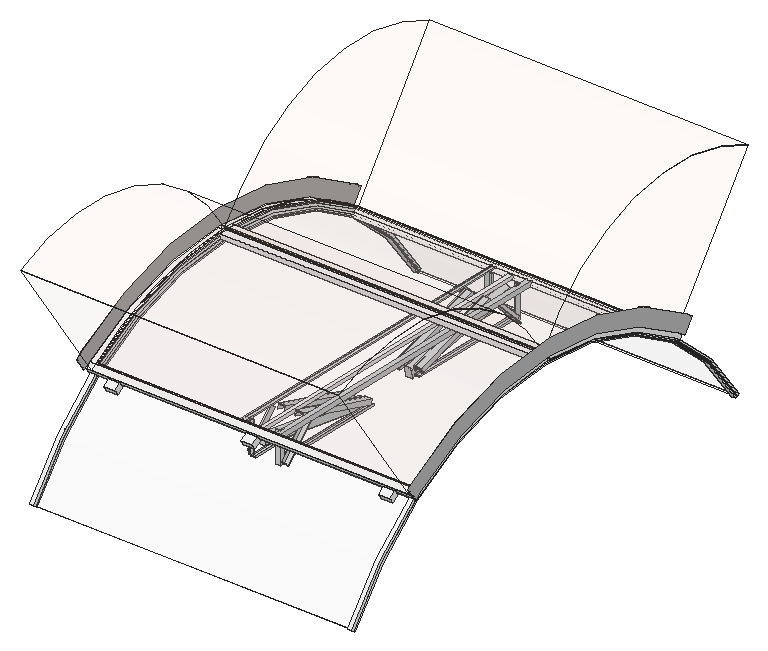
Revit family "Aluco Fire SL 2P (HI) (pl)", category Modele ogólne, Revit 2020
Family settings
  Może być obiektem nadrzędnym dla zbrojenia = Nie
  Wymiar okrągłego złącza = Użyj średnicy
  Typ części = Normalny
  Numer OmniClass = 23.60.70.14.11
  Tytuł OmniClass = Smoke Dampers
  Oparty na płaszczyźnie roboczej = Tak
  Zawsze pionowo = Nie
  Tnij formami wycięć po wczytaniu = Tak
  Współdzielony = Nie
  Punkt obliczania pomieszczeń = Nie
Parameters (values of type "system ekonomiczny z napędem elektrycznym")
  Zasilanie = 230 V
  Zakres ruchu [instance] = yes
  Wysuw siłownika (wariant) [instance] = 1
  Wysuw siłownika [instance] = if([Wysuw siłownika (wariant)] < 2, "300mm", if([Wysuw siłownika (wariant)] < 3, "500mm", "700mm"))  # "300mm"
  Wysokość podstawy [instance] = 300 mm
  Współczynnik przenikania ciepła [instance] = "Do weryfikacji po kontakcie z Producentem"  # constant formula
  Współczynnik powierzchni oddymiania [instance] = 1.00 m² * size_lookup("ALUCO FIRE SL 2P (HI)", "Współczynnik powierzchni oddymiania", 0 mm, round([Rozpiętość klapy (A)] / 100 mm) * 100 mm, round([Szerokość klapy (B)] / 100 mm) * 100 mm) / 1 mm  # 2.97 m²
  Uwaga [instance] = if(or([Rozpiętość klapy (A)] > 3000 mm, [Rozpiętość klapy (A)] < 1800 mm, [Szerokość klapy (B)] > 3500 mm, [Szerokość klapy (B)] < 1900 mm), "Przekroczono zalecane wymiary Producenta", "-")  # "-"
  URL produktu = "https://aluco.com.pl/oferta/oddymianie/klapy-w-pasmach/"
  URL = "https://aluco.com.pl/"
  Szerokość klapy (B) [instance] = 2000 mm
  System ekonomiczny = no
  System bezmostkowy = not(System ekonomiczny)  # yes
  Rozpiętość świetlika [instance] = 3000 mm
  Rozpiętość klapy (A) [instance] = 2000 mm
  Rozpiętość [instance] = "od 1800 mm x 1900 mm do 3000 mm x 3500 mm"  # constant formula
  Rodzaj napędu = "napęd elektryczny"
  Promień gięcia' [instance] = Promień gięcia - 5 mm  # 1745 mm
  Promień gięcia" [instance] = Promień gięcia + Grubość płyty + 13 mm  # 1773 mm
  Promień gięcia [instance] = 175 * Grubość płyty  # 1750 mm
  Profile montażowe [instance] = yes
  Producent = "ALUCO SYSTEM SP. Z O.O"  # constant formula
  Powierzchnia geometryczna [instance] = 1.00 m² * size_lookup("ALUCO FIRE SL 2P (HI)", "Powierzchnia geometryczna", 0 mm, round([Rozpiętość klapy (A)] / 100 mm) * 100 mm, round([Szerokość klapy (B)] / 100 mm) * 100 mm) / 1 mm  # 4.00 m²
  Potwierdzone działanie w skrajnie niskich temperaturach = "T -15"  # constant formula
  Pewność działania = "RE 10000"  # constant formula
  Owiewki [instance] = yes
  Opis = "Klapa oddymiająca dwuskrzydłowa w pasmach łukowych"  # constant formula
  Obraz typu = ALUCO FIRE SL 1P (HI).png
  Montaż [instance] = if(System ekonomiczny, "w pasmach świetlnych łukowych systemu ALUCO SKYLIGHT", "w pasmach świetlnych łukowych systemu ALUCO SKYLIGHT lub ALUCO SKYLIGHT THERM")  # "w pasmach świetlnych łukowych systemu ALUCO SKYLIGHT lub ALUCO SKYLIGHT THERM"
  Model = "FIRE SL 2P (HI)"
  Materiał płyt = Aluco - poliwęglan
  Materiał profili = Aluco - aluminium
  Materiał owiewki = Aluco - stal ocynkowana
  Maksymalne obciążenie śniegiem = "SL 1500"  # constant formula
  Kąt otwarcia = 90.00°  # constant formula
  Kraty antyupadkowe ALUCO SAFETY GRID [instance] = no
  Komentarze do typu = "Klapa oddymiająca w systemie ekonomicznym"
  Klasyfikacja na działanie wiatru = "WL 1500"  # constant formula
  Klasa odporności na działanie wysokiej temperatury = "B 300"  # constant formula
  Klasa bezpieczeństwa przed upadkiem z wysokości = "SB 1200"  # constant formula
  Klasa bezpieczeństwa pożarowego = "BRoof (t1)"  # constant formula
  Karta katalogowa [instance] = "https://aluco.com.pl/download/oddymianie/AlucoFireSL_KlapyDymowe.pdf"
  Ilość profili łukowych [instance] = 2  # constant formula
  IfcExportAs = "\"IfcWindowType\""
  Grubość wypełnienia (wariant) [instance] = 1
  Grubość płyty [instance] = if([Grubość wypełnienia (wariant)] < 3, 10 mm, if([Grubość wypełnienia (wariant)] < 5, 16 mm, if([Grubość wypełnienia (wariant)] < 7, 20 mm, if([Grubość wypełnienia (wariant)] < 9, 25 mm, if([Grubość wypełnienia (wariant)] < 11, 20 mm, if([Grubość wypełnienia (wariant)] < 13, 26 mm, 32 mm))))))  # 10 mm
  Wymiar profilu [instance] = Grubość płyty + 2 * 10 mm  # 30 mm
  Default Elevation = 0 mm  # constant formula
Reference planes
  plane 1 "Środek (Przód/Tył)": y = 0
  plane 2: z = 0
  plane 3 "Środek (Lewa/Prawa)": x = 0
  plane 4: y = -1500
  plane 5: y = 1500
  plane 6: x = -1000
  plane 7: y = -2000
  plane 8: y = 2000
  plane 9: x = 1000
  plane 10: z = 300
  plane 11: y = -1000
  plane 12: y = 1000
  plane 13: y = -939.1
Forms (mm)
  Extrusion 1, solid, material "Aluco - krata antyupadkowa", visible <- "Kraty antyupadkowe ALUCO SAFETY GRID", detail levels medium+fine
    sketch origin (3267.2, -1436.636, 300) x (0, -1, 0) y (1, 0, 0)
      loop
        line (-2936.636, -4267.2) -> (63.364, -4267.2) -> (63.364, -2267.2) -> (-2936.636, -2267.2) -> (-2936.636, -4267.2)
    from -5 to 0
  Extrusion 2, solid, detail levels coarse
    sketch origin (0, 0, 0) x (0, 1, 0) y (0, 0, 1)
      loop
        line (-1000, 895.113) -> (-1000, 300) -> (1000, 300) -> (1000, 895.113)
        arc (1000, 895.113) -> (0, 1203.612) -> (-1000, 895.113) r 1775
    from 1000 to -1000
  Extrusion 3, void
    sketch origin (0, 0, 0) x (0, 1, 0) y (0, 0, 1)
      loop
        line (-1506.686, 333.185) -> (-1482.684, 318.761)
        arc (-1482.684, 318.761) -> (0, 1143.612) -> (1482.684, 318.761) r 1745
        line (1482.684, 318.761) -> (1506.686, 333.185)
        arc (1506.686, 333.185) -> (0, 1171.612) -> (-1506.686, 333.185) r 1773
    from 1000 to -1000
  Extrusion 4, solid, material "Aluco - poliwęglan" <- "Materiał płyt", detail levels medium+fine
    sketch origin (0, 0, 0) x (0, 1, 0) y (0, 0, 1)
      loop
        line (-1508.571, 305.151) -> (-1500, 300)
        arc (-1500, 300) -> (0, 1148.612) -> (1500, 300) r 1750
        line (1500, 300) -> (1508.571, 305.151)
        arc (1508.571, 305.151) -> (0, 1158.612) -> (-1508.571, 305.151) r 1760
    from 1000 to -1000
Lines and regions (mm)
  reference lines
    curve 1: line (-1000, 1500, 0) -> (-1000, -1500, 0)
    curve 2: line (-1000, -1500, 0) -> (1900, -1500, 0)
    curve 3: line (997.5, 1500, 0) -> (-1000, 1500, 0)
    curve 4: line (0, 1500, 0) -> (10, 1500, 0)
    curve 5: line (10, -1500, 0) -> (0, -1500, 0)
    curve 6: line (0, -1500, 0) -> (0, 1500, 0)
    curve 7: line (995, 0, 298.5) -> (1005, 0, 298.5)
    curve 8: line (1002.5, 500, -601.388) -> (1002.5, -500, -601.388)
    curve 9: line (1002.5, 0, -601.388) -> (1002.5, -1000, 862.692)
    curve 10: line (1002.5, 0, -601.388) -> (1002.5, 1000, 862.692)
    curve 12: line (0, -1000, 862.692) -> (0, 1000, 862.692)
  symbolic lines, detail levels coarse
    curve 11: line (1000, 1500, 0) -> (1000, -1500, 0)
    curve 15: line (-1000, 1500, 0) -> (-1000, -1500, 0)
    curve 16: line (-1000, 1000, 0) -> (1000, 1000, 0)
    curve 17: line (-1000, -1000, 0) -> (1000, -1000, 0)
  model lines, not visible
    curve 13: line (-500, -1000, 862.692) -> (-500, 1000, 862.692)
    curve 14: line (500, 1000, 862.692) -> (500, -1000, 862.692)
Dimensions and locks
  equal spacing: plane 4, plane 1 "Środek (Przód/Tył)", plane 5
  equal spacing: plane 8, plane 1 "Środek (Przód/Tył)", plane 7
  "Rozpiętość świetlika": plane 4 to plane 5
  plane 5 to curve 3 = 0 mm
  "Wysokość podstawy": plane 10 to level
  plane 10 to curve 7 = 1.5 mm
  equal spacing: plane 11, plane 1 "Środek (Przód/Tył)", plane 12
  "Rozpiętość klapy (A)": plane 11 to plane 12
  equal spacing: plane 6, plane 3 "Środek (Lewa/Prawa)", plane 9
  "Promień gięcia"": curve 10 to curve 10
  "Promień gięcia"": curve 9 to curve 9
  "Szerokość klapy (B)": plane 6 to plane 9
  locked: plane 11 to plane 13 at 60.9
  locked: nested 2 to Extrusion 3 sketch curve at 25
  locked: Extrusion 3 sketch curve to nested 2 at 25
  locked: plane 1 "Środek (Przód/Tył)" to curve 8 (angle 90.00°)
  aligned and locked: level to plane 2
  aligned and locked: nested 1 to plane 10
  aligned and locked: nested 2 to plane 10
  aligned and locked: plane 6 to nested 2
  aligned and locked: plane 9 to nested 1
  aligned and locked: plane 11 to curve 9
  aligned and locked: plane 1 "Środek (Przód/Tył)" to curve 10
  aligned and locked: curve 8 to curve 10
  aligned and locked: plane 12 to curve 10
  aligned and locked: nested 3 to curve 9
  aligned and locked: curve 10 to nested 4
  aligned and locked: plane 3 "Środek (Lewa/Prawa)" to nested 4
  aligned and locked: plane 6 to nested 5
  aligned and locked: plane 11 to nested 5
  aligned and locked: nested 3 to plane 3 "Środek (Lewa/Prawa)"
  aligned and locked: plane 5 to curve 11
  aligned and locked: plane 4 to curve 11
  aligned and locked: curve 11 to plane 9
  aligned and locked: curve 12 to curve 9
  aligned and locked: nested 6 to plane 12
  aligned and locked: nested 7 to plane 13
  aligned and locked: plane 3 "Środek (Lewa/Prawa)" to nested 7
  aligned and locked: plane 12 to nested 4
  aligned and locked: curve 12 to curve 12
  aligned and locked: plane 11 to curve 12
  aligned and locked: plane 12 to curve 12
  aligned and locked: Extrusion 1 sketch curve to plane 5
  aligned and locked: Extrusion 1 sketch curve to plane 4
  aligned and locked: Extrusion 1 sketch curve to plane 6
  aligned and locked: Extrusion 1 sketch curve to plane 9
  aligned and locked: Extrusion 2 sketch curve to nested 5
  aligned and locked: Extrusion 2 sketch curve to plane 11
  aligned and locked: Extrusion 2 sketch curve to plane 12
  aligned and locked: Extrusion 2 sketch curve to plane 10
  aligned and locked: plane 9 to Extrusion 2
  aligned and locked: Extrusion 2 to plane 6
  aligned and locked: curve 15 to plane 6
  aligned and locked: curve 16 to plane 12
  aligned and locked: curve 17 to plane 11
  aligned and locked: Extrusion 3 sketch curve to nested 2  (x2)
  aligned and locked: Extrusion 3 to plane 6
  aligned and locked: plane 9 to Extrusion 3
  aligned and locked: Extrusion 4 sketch curve to nested 2  (x2)
  aligned and locked: nested 2 to Extrusion 4 sketch curve  (x2)
  aligned and locked: Extrusion 4 to plane 6
  aligned and locked: plane 9 to Extrusion 4
Automatic sketch dimensions
  curve 1 to plane 4 = 0 mm
  curve 1 to plane 6 = 0 mm
  curve 5 to plane 3 "Środek (Lewa/Prawa)" = 0 mm
  curve 5 to plane 4 = 0 mm
  plane 5 to curve 4 = 0 mm
  plane 3 "Środek (Lewa/Prawa)" to curve 5 = 10 mm
  plane 3 "Środek (Lewa/Prawa)" to curve 4 = 10 mm
  curve 3 to plane 9 = 2.5 mm
  plane 9 to curve 2 = 900 mm
  curve 7 to plane 9 = 5 mm
  plane 9 to curve 7 = 5 mm
  curve 12 to curve 14 = 500 mm
  curve 13 to curve 12 = 500 mm
  curve 12 to curve 14 = 0 mm  (x2)
  curve 13 to curve 12 = 0 mm  (x2)
  curve 15 to plane 4 = 0 mm
  curve 15 to plane 5 = 0 mm
Nested families
  nested 1: "Profil łukowy" at (1000, 0, 300), Rozpiętość otworu <- "Rozpiętość świetlika", Materiał <- "Materiał profili", visible <- "Profile montażowe", Grubość wypełnienia (wariant) <- "Grubość wypełnienia (wariant)", type "Profil łukowy", detail levels medium+fine
    with Zwężenie otworu (rozpiętość) 0 mm, Rozpiętość świetlika 3000 mm, Rozpiętość otworu 3000 mm, Przestrzeń na izolację termiczną 0 mm, Promień gięcia 1750 mm, Materiał Aluco - aluminium, Grubość wypełnienia (wariant) 1, Grubość płyty 10 mm, Grubość profilu 17 mm
  nested 2: "Profil łukowy" at (-1000, 0, 300), Rozpiętość otworu <- "Rozpiętość świetlika", Materiał <- "Materiał profili", visible <- "Profile montażowe", Grubość wypełnienia (wariant) <- "Grubość wypełnienia (wariant)", type "Profil łukowy", detail levels medium+fine
    with Zwężenie otworu (rozpiętość) 0 mm, Rozpiętość świetlika 3000 mm, Rozpiętość otworu 3000 mm, Przestrzeń na izolację termiczną 0 mm, Promień gięcia 1750 mm, Materiał Aluco - aluminium, Grubość wypełnienia (wariant) 1, Grubość płyty 10 mm, Grubość profilu 17 mm
  nested 3: "Profil prosty" at (0, -1000, 862.692) x (0, -0.8258, -0.564) z (0, -0.564, 0.8258), Materiał <- "Materiał profili", Szerokość profilu <- "Wymiar profilu", Wyskość profilu <- "Wymiar profilu", Długość profilu <- "Szerokość klapy (B)", type "Profil prosty", detail levels medium+fine
    with Wyskość profilu 30 mm, Szerokość profilu 30 mm, Materiał Aluco - aluminium, Długość profilu 2000 mm
  nested 4: "Profil prosty" at (0, 1000, 862.692) x (0, 0.8258, -0.564) z (0, 0.564, 0.8258), Materiał <- "Materiał profili", Szerokość profilu <- "Wymiar profilu", Wyskość profilu <- "Wymiar profilu", Długość profilu <- "Szerokość klapy (B)", type "Profil prosty", detail levels medium+fine
    with Wyskość profilu 30 mm, Szerokość profilu 30 mm, Materiał Aluco - aluminium, Długość profilu 2000 mm
  nested 5: "Klapa" at (-1000, 0, 330), Rozpiętość klapy <- "Rozpiętość klapy (A)", Szerokość klapy <- "Szerokość klapy (B)", built-in parameter 1001364 <- "Wymiar profilu", Grubość profilu <- "Wymiar profilu", Materiał profili <- "Materiał profili", Materiał płyty <- "Materiał płyt", Rozpiętość świetlika <- "Rozpiętość świetlika", Materiał owiewki <- "Materiał owiewki", Owiewki <- "Owiewki", Grubość wypełnienia (wariant) <- "Grubość wypełnienia (wariant)", Zakres ruchu <- "Zakres ruchu", type "Klapa", detail levels medium+fine
    with Zakres ruchu yes, Wysokość owiewki 100 mm, Szerokość klapy 2000 mm, Rozpiętość świetlika 3000 mm, Rozpiętość klapy 2000 mm, Promień gięcia 1750 mm, Owiewki yes, Materiał płyty Aluco - poliwęglan, Materiał profili Aluco - aluminium, Materiał owiewki Aluco - stal ocynkowana, Grubość wypełnienia (wariant) 1, Grubość płyty 10 mm, Grubość profilu' 41.5 mm, Grubość profilu 30 mm
  nested 6: "Siłownik klapy dwuskrzydłowej" at (0, 1000, 862.692) x (0, -1, 0) z (0, 0, 1), Długość prowadnic <- "Rozpiętość klapy (A)", type "Siłownik klapy dwuskrzydłowej", detail levels fine
    with Długość prowadnic 2000 mm
  nested 7: "Siłownik klapy dwuskrzydłowej 2" at (0, -1000.03, 862.692) x (0, 1, 0) z (0, 0, 1), type "Siłownik klapy dwuskrzydłowej 2", detail levels fine
    with Długość prowadnic 1500 mm
Connectors
  electrical at (0, 0, 300)
    settings: on plane 10, index 1, voltage 0 V, apparent load 0 VA, apparent load phase1 0 VA, apparent load phase2 0 VA, apparent load phase3 0 VA, power factor 1, load classification "Inne", number of poles 1, system type 31, power factor state 1, is connector primary yes, connector utility no, sub classification motor no, connector description ""
Definition of nested family "Profil łukowy"
  Parameters (values of type "Profil łukowy")
    Zwężenie otworu (rozpiętość) [instance] = 200 mm
    Define Thermal Properties by = 1
    Rozpiętość świetlika [instance] = if(Rozpiętość otworu - 2 * [Zwężenie otworu (rozpiętość)] + 2 * Przestrzeń na izolację termiczną < 1500 mm, 1500 mm, if(Rozpiętość otworu - 2 * [Zwężenie otworu (rozpiętość)] + 2 * Przestrzeń na izolację termiczną > 6200 mm, 6200 mm, Rozpiętość otworu - 2 * [Zwężenie otworu (rozpiętość)] + 2 * Przestrzeń na izolację termiczną))  # 1500 mm
    Rozpiętość otworu [instance] = 1000 mm
    Przestrzeń na izolację termiczną [instance] = 150 mm
    Promień gięcia [instance] = 175 * Grubość płyty  # 1750 mm
    Materiał [instance] = none
    Analytic Construction = "<Brak>"
    Grubość wypełnienia (wariant) [instance] = 1
    Grubość płyty [instance] = if([Grubość wypełnienia (wariant)] < 3, 10 mm, if([Grubość wypełnienia (wariant)] < 5, 16 mm, if([Grubość wypełnienia (wariant)] < 7, 20 mm, if([Grubość wypełnienia (wariant)] < 9, 25 mm, if([Grubość wypełnienia (wariant)] < 11, 20 mm, if([Grubość wypełnienia (wariant)] < 13, 26 mm, 32 mm))))))  # 10 mm
    Grubość profilu [instance] = Grubość płyty + 7 mm  # 17 mm
    Default Elevation = 0 mm
  Reference planes
    plane 1 "Środek (Przód/Tył)": y = 0
    plane 2: z = 0
    plane 3 "Środek (Lewa/Prawa)": x = 0
    plane 4: y = -500
    plane 5: y = 500
    plane 6: y = -750
    plane 7: y = 750
    plane 8: z = 0
  Forms (mm)
    Extrusion 1, solid, not visible
      sketch origin (0, 0, 0) x (0, 1, 0) y (0, 0, 1)
        loop
          line (-750, 0) -> (750, 0)
          arc (750, 0) -> (0, 168.861) -> (-750, 0) r 1750
      from 14 to -14
    Sweep 2, solid, material <- "Materiał"
      path in 3D
        loop
          arc (0, -750, 0) -> (0, 0, 168.861) -> (0, 750, 0) r 1750
      profile origin (0, 0, 168.861) x (0, 0, 1) y (1, 0, 0)
        loop
          line (0, -14) -> (0, -2.5) -> (10, -2.5) -> (10, -14) -> (23, -14) -> (23, 14) -> (10, 14) -> (10, 2.5) -> (0, 2.5) -> (0, 14) -> (-5, 14) -> (-5, -14) -> (0, -14)
  Lines and regions (mm)
    reference lines
      curve 1: line (-150, -650, 0) -> (6150, -650, 0)
      curve 2: line (6150, 650, 0) -> (-150, 650, 0)
      curve 3: line (500, 600, 0) -> (5500, 600, 0)
      curve 4: line (5500, -600, 0) -> (500, -600, 0)
      curve 5: arc (0, -750, 0) -> (0, 0, 168.861) -> (0, 750, 0) r 1750
    sketch lines
      curve 6: arc (0, -750, 0) -> (0, 0, 168.861) -> (0, 750, 0) r 1750
  Dimensions and locks
    equal spacing: plane 4, plane 1 "Środek (Przód/Tył)", plane 5
    equal spacing: plane 7, plane 1 "Środek (Przód/Tył)", plane 6
    "Rozpiętość otworu": plane 4 to plane 5
    "Rozpiętość świetlika": plane 7 to plane 6
    "Przestrzeń na izolację termiczną": plane 5 to curve 2
    "Przestrzeń na izolację termiczną": plane 4 to curve 1
    "Przestrzeń na izolację termiczną": curve 4 to plane 6
    "Przestrzeń na izolację termiczną": curve 3 to plane 7
    "Grubość płyty": Sweep 2 sketch curve to profile plane
    "Promień gięcia": radius of curve 5
    aligned and locked: level to plane 2
    aligned and locked: plane 6 to curve 5
    aligned and locked: plane 8 to curve 5  (x2)
    aligned and locked: plane 7 to curve 5
    aligned and locked: Extrusion 1 sketch curve to curve 5
    aligned and locked: Extrusion 1 sketch curve to plane 8
  Automatic sketch dimensions
    curve 2 to plane 3 "Środek (Lewa/Prawa)" = 150 mm
    curve 1 to plane 3 "Środek (Lewa/Prawa)" = 150 mm
    plane 3 "Środek (Lewa/Prawa)" to curve 3 = 500 mm
    plane 3 "Środek (Lewa/Prawa)" to curve 4 = 500 mm
    curve 3 to curve 3 = 5000 mm
    curve 4 to curve 3 = 0 mm
    curve 3 to curve 2 = 650 mm
    curve 4 to curve 1 = 650 mm
    Sweep 2 sketch curve to profile plane = 0 mm  (x2)
    profile plane to Sweep 2 sketch curve = 5 mm
    Sweep 2 sketch curve to Sweep 2 sketch curve = 0 mm  (x2)
    Sweep 2 sketch curve to Sweep 2 sketch curve = 13 mm
    Sweep 2 sketch curve to profile plane = 14 mm
    Sweep 2 sketch curve to profile plane = 2.5 mm
    profile plane to Sweep 2 sketch curve = 2.5 mm
    Sweep 2 sketch curve to Sweep 2 sketch curve = 11.5 mm  (x2)
Definition of nested family "Profil prosty"
  Parameters (values of type "Profil prosty")
    Define Thermal Properties by = 1
    Wyskość profilu [instance] = 40 mm
    Szerokość profilu [instance] = 40 mm
    Materiał [instance] = none
    Analytic Construction = "<Brak>"
    Długość profilu [instance] = 1000 mm
    Default Elevation = 1219.2 mm
  Reference planes
    plane 1 "Środek (Przód/Tył)": y = 0
    plane 2: z = 0
    plane 3 "Środek (Lewa/Prawa)": x = 0
    plane 4: y = 500
    plane 5: y = -500
    plane 6: x = 40
    plane 7: z = -40
  Forms (mm)
    Extrusion 1, solid
      sketch origin (0, 0, 0) x (1, 0, 0) y (0, 1, 0)
        loop
          line (-1219.2, 1219.2) -> (-1219.2, -1219.2) -> (1219.2, -1219.2) -> (1219.2, 1219.2) -> (-1219.2, 1219.2)
      from 0 to -304.8
    Extrusion 2, solid, material <- "Materiał"
      sketch origin (0, 0, 0) x (1, 0, 0) y (0, 0, 1)
        loop
          line (0, 0) -> (0, -40) -> (40, -40) -> (40, 0) -> (0, 0)
      from 500 to -500
  Dimensions and locks
    equal spacing: plane 4, plane 1 "Środek (Przód/Tył)", plane 5
    "Długość profilu": plane 4 to plane 5
    "Szerokość profilu": plane 6 to plane 3 "Środek (Lewa/Prawa)"
    "Wyskość profilu": level to plane 7
    aligned and locked: plane 2 to Extrusion 1
    aligned and locked: level to Extrusion 1
    aligned and locked: plane 4 to Extrusion 2
    aligned and locked: Extrusion 2 to plane 5
    aligned and locked: Extrusion 2 to plane 7
    aligned and locked: plane 6 to Extrusion 2
  Automatic sketch dimensions
    Extrusion 1 sketch curve to Extrusion 1 sketch curve = 2438.4 mm  (x2)
    Extrusion 2 sketch curve to level = 0 mm
    Extrusion 2 sketch curve to plane 3 "Środek (Lewa/Prawa)" = 0 mm
    plane 3 "Środek (Lewa/Prawa)" to Extrusion 2 sketch curve = 40 mm
    Extrusion 2 sketch curve to level = 40 mm
Definition of nested family "Klapa"
  Parameters (values of type "Klapa")
    Define Thermal Properties by = 1
    Zakres ruchu [instance] = yes
    Wysokość owiewki [instance] = 100 mm
    Szerokość klapy [instance] = 1000 mm
    Rozpiętość świetlika [instance] = 1500 mm
    Rozpiętość klapy [instance] = 1000 mm
    Promień gięcia [instance] = 175 * Grubość płyty  # 1750 mm
    Owiewki [instance] = yes
    Materiał płyty [instance] = none
    Materiał profili [instance] = none
    Materiał owiewki [instance] = none
    Analytic Construction = "<Brak>"
    Grubość wypełnienia (wariant) [instance] = 1
    Grubość płyty [instance] = if([Grubość wypełnienia (wariant)] < 3, 10 mm, if([Grubość wypełnienia (wariant)] < 5, 16 mm, if([Grubość wypełnienia (wariant)] < 7, 20 mm, if([Grubość wypełnienia (wariant)] < 9, 25 mm, if([Grubość wypełnienia (wariant)] < 11, 20 mm, if([Grubość wypełnienia (wariant)] < 13, 26 mm, 32 mm))))))  # 10 mm
    Grubość profilu' [instance] = Grubość profilu + 11.5 mm  # 41.5 mm
    Grubość profilu [instance] = 30 mm
    Default Elevation = 0 mm
  Reference planes
    plane 1 "Środek (Przód/Tył)": y = 0
    plane 2: z = 0
    plane 3 "Środek (Lewa/Prawa)": x = 0
    plane 4: y = -500
    plane 5: y = 500
    plane 6: y = -750
    plane 7: y = 750
    plane 8: z = 0
    plane 9: x = 1000
    plane 10: x = 500
    plane 11: y = 14
    plane 12: y = -14
    plane 13: z = 1559.263
    plane 14: x = 1102.632
    plane 15: x = -102.632
    plane 16: y = -56.002
    plane 17: y = 56.002
  Forms (mm)
    Extrusion 1, solid, not visible
      sketch origin (0, 0, 0) x (0, 1, 0) y (0, 0, 1)
        loop
          line (-500, 95.912) -> (-500, 0) -> (500, 0) -> (500, 95.912)
          arc (500, 95.912) -> (0, 168.861) -> (-500, 95.912) r 1750
      from 1000 to 0
    Sweep 2, solid, material <- "Materiał profili", detail levels medium+fine
      path in 3D
        loop
          arc (0, 500, 95.912) -> (0, 0, 168.861) -> (0, -500, 95.912) r 1750
      profile origin (0, 0, 168.861) x (0, 0, 1) y (-1, 0, 0)
        loop
          line (10, -11.5) -> (10, 0) -> (20, 0) -> (20, -11.5) -> (25, -11.5) -> (25, 30) -> (-5, 30) -> (-5, -11.5) -> (10, -11.5)
    Sweep 3, solid, material <- "Materiał profili", detail levels medium+fine
      path in 3D
        loop
          arc (1000, -500, 95.912) -> (1000, 0, 168.861) -> (1000, 500, 95.912) r 1750
      profile origin (1000, 0, 168.861) x (0, 0, 1) y (1, 0, 0)
        loop
          line (10, -11.5) -> (10, 0) -> (20, 0) -> (20, -11.5) -> (25, -11.5) -> (25, 30) -> (-5, 30) -> (-5, -11.5) -> (10, -11.5)
    Sweep 4, solid, material <- "Materiał profili", detail levels medium+fine
      path in 3D
        loop
          line (-30, -498.571, 91.121) -> (608.987, -498.571, 91.121) -> (1030, -498.571, 91.121)
      profile origin (289.494, -498.571, 91.121) x (0, -0.285714, 0.958315) y (0, -0.958315, -0.285714)
        loop
          line (0, 0) -> (30, 0) -> (30, 41.5) -> (0, 41.5) -> (0, 0)
    Sweep 5, solid, material <- "Materiał profili", detail levels medium+fine
      path in 3D
        loop
          line (1030, 498.571, 91.121) -> (493.096, 498.571, 91.121) -> (-30, 498.571, 91.121)
      profile origin (761.548, 498.571, 91.121) x (0, 0.285714, 0.958315) y (0, 0.958315, -0.285714)
        loop
          line (0, 41.5) -> (0, 0) -> (30, 0) -> (30, 41.5) -> (0, 41.5)
    Extrusion 6, solid, material <- "Materiał płyty", detail levels medium+fine
      sketch origin (0, 0, 0) x (0, 1, 0) y (0, 0, 1)
        loop
          line (-505.829, 115.044) -> (-502.914, 105.478)
          arc (-502.914, 105.478) -> (0, 178.861) -> (502.914, 105.478) r 1760
          line (502.914, 105.478) -> (505.829, 115.044)
          arc (505.829, 115.044) -> (0, 188.861) -> (-505.829, 115.044) r 1770
      from 0 to 1000
    Extrusion 7, solid, material <- "Materiał profili", detail levels medium+fine
      sketch origin (500, 614.076, 1200) x (0, 1, 0) y (0, 0, 1)
        loop
          line (-75.735, -1120.737) -> (-69.772, -1100.737) -> (-1158.38, -1100.737) -> (-1152.418, -1120.737) -> (-75.735, -1120.737)
      from -14 to 14
    Extrusion 8, solid, material <- "Materiał profili", detail levels fine
      sketch origin (500, 614.076, 1200) x (0, 1, 0) y (0, 0, 1)
        loop
          line (-1156.703, -1106.362) -> (-1204.619, -1120.648) -> (-1192.762, -1160.418) -> (-1144.846, -1146.132) -> (-1156.703, -1106.362)
      from -35 to 35
    Extrusion 9, solid, material <- "Materiał profili", detail levels fine
      sketch origin (1000, 1469.305, 1200) x (0, 1, 0) y (0, 0, 1)
        loop
          line (-2011.932, -1106.362) -> (-2059.848, -1120.648) -> (-2047.991, -1160.418) -> (-2000.075, -1146.132) -> (-2011.932, -1106.362)
      from -170 to -100
    Extrusion 10, solid, material <- "Materiał profili", detail levels fine
      sketch origin (0, 0, 0) x (0, 1, 0) y (0, 0, 1)
        loop
          line (-542.627, 93.638) -> (-590.543, 79.352) -> (-578.686, 39.582) -> (-530.77, 53.868) -> (-542.627, 93.638)
      from 170 to 100
    Sweep 11, solid, material <- "Materiał owiewki", visible <- "Owiewki"
      path in 3D
        loop
          line (1030, 507.143, 119.87) -> (1030, 546.913, 108.013) -> (-30, 546.913, 108.013) -> (-30, 507.143, 119.87)
          arc (-30, 507.143, 119.87) -> (-30, 0, 193.861) -> (-30, -507.143, 119.87) r 1775
          line (-30, -507.143, 119.87) -> (-30, -546.913, 108.013) -> (1030, -546.913, 108.013) -> (1030, -507.143, 119.87)
          arc (1030, -507.143, 119.87) -> (1030, 0, 193.861) -> (1030, 507.143, 119.87) r 1775
      profile "Owiewka : Owiewka" origin (1030, 0, 193.861) x (0, 0, 1) y (1, 0, 0)
        loop
          line (0, 10) -> (100, 10) -> (100, 11.5) -> (0, 11.5) -> (0, 10)
    Extrusion 12, void
      sketch origin (0, 0, 0) x (1, 0, 0) y (0, 1, 0)
        loop
          line (-40, -750) -> (1040, -750) -> (1040, 750) -> (-40, 750) -> (-40, -750)
      from -14 to 1000
    Extrusion 13, void
      sketch origin (0, 0, 0) x (1, 0, 0) y (0, 1, 0)
        loop
          line (-102.632, 14) -> (-102.632, -14) -> (1102.632, -14) -> (1102.632, 14) -> (-102.632, 14)
      from 0 to 1559.263
    Extrusion 14, solid, material <- "Materiał profili", detail levels fine
      sketch origin (500, -614.076, 1200) x (0, -1, 0) y (0, 0, -1)
        loop
          line (-1156.703, 1106.362) -> (-1144.846, 1146.132) -> (-1192.762, 1160.418) -> (-1204.619, 1120.648) -> (-1156.703, 1106.362)
      from -35 to 35
    Extrusion 15, solid, material <- "Materiał profili", detail levels fine
      sketch origin (1000, 1469.305, 1200) x (0, 1, 0) y (0, 0, 1)
        loop
          line (-926.678, -1106.362) -> (-938.535, -1146.132) -> (-890.619, -1160.418) -> (-878.762, -1120.648) -> (-926.678, -1106.362)
      from -170 to -100
    Extrusion 16, solid, material <- "Materiał profili", detail levels fine
      sketch origin (0, 0, 0) x (0, 1, 0) y (0, 0, 1)
        loop
          line (542.627, 93.638) -> (530.77, 53.868) -> (578.686, 39.582) -> (590.543, 79.352) -> (542.627, 93.638)
      from 170 to 100
    Extrusion 17, solid, visible <- "Zakres ruchu"
      sketch origin (0, 0, 0) x (0, 1, 0) y (0, 0, 1)
        loop
          line (-745.29, 773.391) -> (-546.774, 107.548)
          arc (-546.774, 107.548) -> (-276.773, 172.15) -> (0, 193.861) r 1775
          arc (0, 193.861) -> (-208.767, 694.377) -> (-745.29, 773.391) r 550.814
      from 0 to 1000
    Extrusion 18, solid, visible <- "Zakres ruchu"
      sketch origin (0, 0, 0) x (0, 1, 0) y (0, 0, 1)
        loop
          line (546.774, 107.548) -> (745.29, 773.391)
          arc (745.29, 773.391) -> (208.767, 694.377) -> (0, 193.861) r 550.814
          arc (0, 193.861) -> (276.773, 172.15) -> (546.774, 107.548) r 1775
      from 0 to 1000
  Cuts and joins
    Extrusion 13 cuts Sweep 2
    Extrusion 13 cuts Sweep 3
    joined: Sweep 2, Sweep 3, Sweep 4, Sweep 5, Extrusion 7
    Extrusion 12 cuts Sweep 11
    Extrusion 13 cuts Extrusion 6
  Lines and regions (mm)
    reference lines
      curve 1: arc (0, -750, 0) -> (0, 0, 168.861) -> (0, 750, 0) r 1750
    sketch lines
      curve 2: arc (0, 500, 95.912) -> (0, 0, 168.861) -> (0, -500, 95.912) r 1750
      curve 3: arc (1000, -500, 95.912) -> (1000, 0, 168.861) -> (1000, 500, 95.912) r 1750
      curve 4: line (-30, -498.571, 91.121) -> (608.987, -498.571, 91.121)
      curve 5: line (608.987, -498.571, 91.121) -> (1030, -498.571, 91.121)
      curve 6: line (1030, 498.571, 91.121) -> (493.096, 498.571, 91.121)
      curve 7: line (493.096, 498.571, 91.121) -> (-30, 498.571, 91.121)
      curve 15: arc (1030, -507.143, 119.87) -> (1030, 0, 193.861) -> (1030, 507.143, 119.87) r 1775
      curve 16: line (1030, -507.143, 119.87) -> (1030, -546.913, 108.013)
      curve 17: line (-30, -546.913, 108.013) -> (1030, -546.913, 108.013)
      curve 18: line (-30, -546.913, 108.013) -> (-30, -507.143, 119.87)
      curve 19: arc (-30, 507.143, 119.87) -> (-30, 0, 193.861) -> (-30, -507.143, 119.87) r 1775
      curve 20: line (-30, 507.143, 119.87) -> (-30, 546.913, 108.013)
      curve 21: line (1030, 546.913, 108.013) -> (-30, 546.913, 108.013)
      curve 22: line (1030, 546.913, 108.013) -> (1030, 507.143, 119.87)
    symbolic lines
      curve 8: line (11.5, -498.571, 0) -> (500, -56.002, 0)
      curve 9: line (500, -56.002, 0) -> (988.5, -498.571, 0)
      curve 23: line (11.5, 498.571, 0) -> (500, 56.002, 0)
      curve 24: line (500, 56.002, 0) -> (988.5, 498.571, 0)
    symbolic lines, detail levels coarse
      curve 10: line (0, 500, 0) -> (1000, 500, 0)
      curve 11: line (0, -500, 0) -> (0, 500, 0)
      curve 12: line (1000, -500, 0) -> (0, -500, 0)
      curve 13: line (1000, 500, 0) -> (1000, -500, 0)
    model lines, detail levels coarse
      curve 14: line (500, 500, 0) -> (500, -500, 0)
  Dimensions and locks
    equal spacing: plane 4, plane 1 "Środek (Przód/Tył)", plane 5
    equal spacing: plane 7, plane 1 "Środek (Przód/Tył)", plane 6
    "Rozpiętość klapy": plane 4 to plane 5
    "Rozpiętość świetlika": plane 7 to plane 6
    "Szerokość klapy": plane 3 "Środek (Lewa/Prawa)" to plane 9
    "Grubość profilu": Sweep 4 sketch curve to profile plane
    locked: Sweep 3 sketch curve to Sweep 3 sketch curve at 5
    locked: profile plane to Sweep 3 sketch curve at 5
    "Grubość płyty": Sweep 3 sketch curve to Sweep 3 sketch curve
    "Grubość profilu": Sweep 3 sketch curve to Sweep 3 sketch curve
    "Grubość profilu": Sweep 3 sketch curve to profile plane
    "Grubość profilu": Sweep 2 sketch curve to profile plane
    locked: profile plane to Sweep 2 sketch curve at 5
    locked: Sweep 2 sketch curve to Sweep 2 sketch curve at 5
    "Grubość profilu": Sweep 2 sketch curve to Sweep 2 sketch curve
    "Grubość płyty": Sweep 2 sketch curve to Sweep 2 sketch curve
    "Grubość profilu'": Sweep 5 sketch curve to profile plane
    "Grubość profilu": Sweep 5 sketch curve to profile plane
    "Grubość profilu'": Sweep 4 sketch curve to profile plane
    equal spacing: plane 3 "Środek (Lewa/Prawa)", plane 10, plane 9
    locked: Extrusion 7 sketch curve to Extrusion 7 sketch curve at 20
    locked: Extrusion 8 sketch curve to Extrusion 8 sketch curve at 50
    "Grubość profilu'": Extrusion 8 sketch curve to Extrusion 8 sketch curve
    equal spacing: cut or joined group of Sweep 2, Sweep 3, Sweep 4, Sweep 5, Extrusion 7, Extrusion 13, Extrusion 8 sketch curve, cut or joined group of Sweep 2, Sweep 3, Sweep 4, Sweep 5, Extrusion 7, Extrusion 13
    locked: Extrusion 9 sketch curve to Extrusion 9 sketch curve at 50
    locked: Extrusion 10 sketch curve to Extrusion 10 sketch curve at 50
    equal spacing: cut or joined group of Sweep 2, Sweep 3, Sweep 4, Sweep 5, Extrusion 7, Extrusion 13, Extrusion 8, cut or joined group of Sweep 2, Sweep 3, Sweep 4, Sweep 5, Extrusion 7, Extrusion 13
    cut or joined group of Sweep 2, Sweep 3, Sweep 4, Sweep 5, Extrusion 7, Extrusion 13 to Extrusion 9 to cut or joined group of Sweep 2, Sweep 3, Sweep 4, Sweep 5, Extrusion 7, Extrusion 13 = 15 mm, 15 mm
    Extrusion 12 sketch curve to plane 3 "Środek (Lewa/Prawa)" = 40 mm
    plane 9 to Extrusion 12 sketch curve = 40 mm
    plane 12 to plane 1 "Środek (Przód/Tył)" to plane 11 = 14 mm locked, 14 mm locked
    locked: plane 13 to plane 8 at 1559.263
    locked: plane 9 to plane 14 at 102.632
    locked: plane 15 to plane 3 "Środek (Lewa/Prawa)" at 102.632
    locked: plane 16 to plane 12 at 42.002
    locked: plane 11 to plane 17 at 42.002
    locked: Extrusion 14 sketch curve to Extrusion 14 sketch curve at 50
    "Grubość profilu'": Extrusion 14 sketch curve to Extrusion 14 sketch curve
    equal spacing: cut or joined group of Sweep 2, Sweep 3, Sweep 4, Sweep 5, Extrusion 7, Extrusion 13, Extrusion 14 sketch curve, cut or joined group of Sweep 11, Extrusion 12
    locked: Extrusion 15 sketch curve to Extrusion 15 sketch curve at 50
    "Grubość profilu'": Extrusion 15 sketch curve to Extrusion 15 sketch curve
    equal spacing: cut or joined group of Sweep 2, Sweep 3, Sweep 4, Sweep 5, Extrusion 7, Extrusion 13, Extrusion 15 sketch curve, cut or joined group of Sweep 11, Extrusion 12
    locked: Extrusion 16 sketch curve to Extrusion 16 sketch curve at 50
    equal spacing: cut or joined group of Sweep 2, Sweep 3, Sweep 4, Sweep 5, Extrusion 7, Extrusion 13, Extrusion 14, cut or joined group of Sweep 11, Extrusion 12
    "Promień gięcia": radius of curve 1
    aligned and locked: level to plane 2
    aligned and locked: plane 6 to curve 1
    aligned and locked: plane 8 to curve 1  (x2)
    aligned and locked: plane 7 to curve 1
    aligned and locked: Extrusion 1 sketch curve to curve 1
    aligned and locked: Extrusion 1 sketch curve to plane 8
    aligned and locked: plane 4 to Extrusion 1 sketch curve
    aligned and locked: plane 5 to Extrusion 1 sketch curve
    aligned and locked: plane 9 to Extrusion 1
    aligned and locked: Extrusion 6 sketch curve to Sweep 3  (x2)
    aligned and locked: Extrusion 6 to Extrusion 1
    aligned and locked: profile plane to Sweep 5 sketch curve
    aligned and locked: plane 4 to curve 12
    aligned and locked: curve 10 to plane 5
    aligned and locked: curve 13 to plane 9
    aligned and locked: plane 3 "Środek (Lewa/Prawa)" to curve 11
    aligned and locked: cut or joined group of Sweep 2, Sweep 3, Sweep 4, Sweep 5, Extrusion 7, Extrusion 13 to Extrusion 7 sketch curve  (x3)
    aligned and locked: Extrusion 7 sketch curve to cut or joined group of Sweep 2, Sweep 3, Sweep 4, Sweep 5, Extrusion 7, Extrusion 13
    aligned and locked: plane 4 to curve 14
    aligned and locked: plane 5 to curve 14
    aligned and locked: curve 14 to plane 10
    aligned and locked: cut or joined group of Sweep 2, Sweep 3, Sweep 4, Sweep 5, Extrusion 7, Extrusion 13 to Extrusion 8 sketch curve
    aligned and locked: cut or joined group of Sweep 2, Sweep 3, Sweep 4, Sweep 5, Extrusion 7, Extrusion 13 to Extrusion 9 sketch curve
    aligned and locked: cut or joined group of Sweep 2, Sweep 3, Sweep 4, Sweep 5, Extrusion 7, Extrusion 13 to Extrusion 10 sketch curve
    aligned and locked: Extrusion 9 sketch curve to Extrusion 8  (x2)
    aligned and locked: Extrusion 10 sketch curve to Extrusion 9
    aligned and locked: Extrusion 10 sketch curve to Extrusion 8
    aligned and locked: Extrusion 12 sketch curve to plane 6
    aligned and locked: Extrusion 12 sketch curve to plane 7
    aligned and locked: plane 11 to Extrusion 13 sketch curve
    aligned and locked: Extrusion 13 sketch curve to plane 12
    aligned and locked: Extrusion 13 sketch curve to plane 14
    aligned and locked: Extrusion 13 sketch curve to plane 15
    aligned and locked: plane 10 to nested 1
    aligned and locked: cut or joined group of Sweep 2, Sweep 3, Sweep 4, Sweep 5, Extrusion 7, Extrusion 13 to Extrusion 14 sketch curve
    aligned and locked: cut or joined group of Sweep 2, Sweep 3, Sweep 4, Sweep 5, Extrusion 7, Extrusion 13 to Extrusion 15 sketch curve
    aligned and locked: cut or joined group of Sweep 2, Sweep 3, Sweep 4, Sweep 5, Extrusion 7, Extrusion 13 to Extrusion 16 sketch curve
    aligned and locked: Extrusion 16 sketch curve to Extrusion 15  (x2)
    aligned and locked: Extrusion 17 sketch curve to cut or joined group of Sweep 2, Sweep 3, Sweep 4, Sweep 5, Extrusion 7, Extrusion 13
    aligned and locked: Extrusion 17 sketch curve to cut or joined group of Sweep 11, Extrusion 12
    aligned and locked: cut or joined group of Sweep 2, Sweep 3, Sweep 4, Sweep 5, Extrusion 7, Extrusion 13 to Extrusion 18 sketch curve
    aligned and locked: Extrusion 18 sketch curve to cut or joined group of Sweep 11, Extrusion 12
    aligned and locked: Extrusion 18 to plane 3 "Środek (Lewa/Prawa)"
    aligned and locked: Extrusion 17 to plane 3 "Środek (Lewa/Prawa)"
    aligned and locked: plane 9 to Extrusion 17
    aligned and locked: plane 9 to Extrusion 18
  Automatic sketch dimensions
    plane 4 to curve 8 = 1.429 mm
    plane 3 "Środek (Lewa/Prawa)" to curve 8 = 11.5 mm
    plane 5 to curve 23 = 1.429 mm
    plane 3 "Środek (Lewa/Prawa)" to curve 23 = 11.5 mm
    plane 5 to curve 24 = 1.429 mm
    curve 24 to plane 9 = 11.5 mm
    plane 4 to curve 9 = 1.429 mm
    curve 9 to plane 9 = 11.5 mm
    curve 9 to plane 16 = 0.001 mm
    curve 8 to curve 9 = 0 mm
    curve 23 to plane 17 = 0.001 mm
    curve 24 to curve 23 = 0 mm
    Extrusion 6 sketch curve to plane 4 = 2.914 mm
    Extrusion 6 sketch curve to plane 4 = 5.829 mm
    Extrusion 6 sketch curve to plane 5 = 2.914 mm
    Extrusion 6 sketch curve to plane 5 = 5.829 mm
    level to Extrusion 17 sketch curve = 259.551 mm
    Extrusion 17 sketch curve to Extrusion 17 sketch curve = 0.109 mm
    level to Extrusion 18 sketch curve = 259.551 mm
    Extrusion 18 sketch curve to Extrusion 18 sketch curve = 0.109 mm
    profile plane to Sweep 2 sketch curve = 0 mm
    Sweep 2 sketch curve to profile plane = 11.5 mm  (x2)
    Sweep 3 sketch curve to profile plane = 0 mm
    Sweep 3 sketch curve to profile plane = 11.5 mm  (x2)
    profile plane to Sweep 4 sketch curve = 0 mm  (x2)
    profile plane to Sweep 5 sketch curve = 0 mm
  Nested families
    nested 1: "Środkowe panele" at (0, -0.002, 163.801) x (1, 0, 0) z (0, 0, 1), Szerokość klapy <- "Szerokość klapy", Rozpiętość klapy <- "Rozpiętość klapy", Rozpiętość świetlika <- "Rozpiętość świetlika", Materiał profili <- "Materiał profili", type "Środkowe panele"
      with Szerokość klapy 1000 mm, Rozpiętość świetlika 1500 mm, Rozpiętość klapy 1000 mm, Promień gięcia 1750 mm, Owiewki yes, Materiał profili none, Grubość płyty (wariant) 1, Grubość płyty 10 mm, Grubość profilu' 41.5 mm, Grubość profilu 30 mm
  Definition of nested family "Środkowe panele"
    Parameters (values of type "Środkowe panele")
      Define Thermal Properties by = 1
      Wymiar profilu = 30 mm
      Szerokość klapy [instance] = 1000 mm
      Rozpiętość świetlika [instance] = 1500 mm
      Rozpiętość klapy [instance] = 1000 mm
      Promień gięcia [instance] = 175 * Grubość płyty  # 1750 mm
      Owiewki [instance] = yes
      Materiał profili [instance] = none
      Analytic Construction = "<Brak>"
      Grubość płyty (wariant) [instance] = 1
      Grubość płyty [instance] = if([Grubość płyty (wariant)] < 2, 10 mm, if([Grubość płyty (wariant)] < 3, 16 mm, if([Grubość płyty (wariant)] < 4, 20 mm, 25 mm)))  # 10 mm
      Grubość profilu' [instance] = Grubość profilu + 11.5 mm  # 41.5 mm
      Grubość profilu [instance] = 30 mm
      Default Elevation = 0 mm
    Reference planes
      plane 1 "Środek (Przód/Tył)": y = 0
      plane 2: z = 0
      plane 3 "Środek (Lewa/Prawa)": x = 0
      plane 4: z = 0
      plane 5: x = 1000
      plane 6: x = 500
      plane 7: y = 14
      plane 8: y = -14
      plane 9: x = 1102.632
      plane 10: x = -102.632
      plane 11: y = -56
      plane 12: y = 56
      plane 13: z = 30
      plane 14: z = 0
    Forms (mm)
      Extrusion 1, solid, material <- "Materiał profili"
        sketch origin (0, 0, -162.258) x (0, 1, 0) y (0, 0, 1)
          loop
            line (-14, 192.258) -> (-56, 192.258) -> (-56, 162.258) -> (-14, 162.258) -> (-14, 192.258)
          loop
            line (14, 192.258) -> (14, 162.258) -> (56, 162.258) -> (56, 192.258) -> (14, 192.258)
        from 0 to 1000
    Lines and regions (mm)
      symbolic lines, detail levels coarse
        curve 1: line (1000, -500, 0) -> (0, -500, 0)
    Dimensions and locks
      "Szerokość klapy": plane 3 "Środek (Lewa/Prawa)" to plane 5
      equal spacing: plane 3 "Środek (Lewa/Prawa)", plane 6, plane 5
      plane 8 to plane 1 "Środek (Przód/Tył)" to plane 7 = 14 mm locked, 14 mm locked
      locked: plane 5 to plane 9 at 102.632
      locked: plane 10 to plane 3 "Środek (Lewa/Prawa)" at 102.632
      "Wymiar profilu": plane 13 to plane 14
      plane 11 to plane 8 to plane 7 to plane 12 = 42 mm, 28 mm, 42 mm
      aligned and locked: level to plane 2
      aligned and locked: Extrusion 1 to plane 11
      aligned and locked: Extrusion 1 to plane 12
      aligned and locked: plane 7 to Extrusion 1
      aligned and locked: plane 8 to Extrusion 1
      aligned and locked: plane 13 to Extrusion 1  (x2)
      aligned and locked: Extrusion 1 to plane 14  (x2)
      aligned and locked: plane 5 to Extrusion 1
      aligned and locked: Extrusion 1 to plane 3 "Środek (Lewa/Prawa)"
    Automatic sketch dimensions
      Extrusion 1 sketch curve to plane 8 = 0 mm
      Extrusion 1 sketch curve to plane 7 = 0 mm
      Extrusion 1 sketch curve to plane 8 = 42 mm
      Extrusion 1 sketch curve to plane 7 = 42 mm
      level to Extrusion 1 sketch curve = 0 mm
      Extrusion 1 sketch curve to Extrusion 1 sketch curve = 0 mm  (x2)
      Extrusion 1 sketch curve to Extrusion 1 sketch curve = 30 mm
      curve 1 to plane 5 = 0 mm
      curve 1 to plane 3 "Środek (Lewa/Prawa)" = 0 mm
      curve 1 to plane 11 = 444 mm
Definition of nested family "Siłownik klapy dwuskrzydłowej"
  Parameters (values of type "Siłownik klapy jednoskrzydłowej zamkniętej")
    Define Thermal Properties by = 1
    Analytic Construction = "<Brak>"
    Długość prowadnic [instance] = 1500 mm
    Default Elevation = 0 mm  # constant formula
  Reference planes
    plane 1 "Środek (Przód/Tył)": y = 0
    plane 2: z = 0
    plane 3 "Środek (Lewa/Prawa)": x = 0
    plane 4: z = -200
    plane 5: y = -125
    plane 6: y = 125
    plane 7: x = 600
    plane 8: x = 1500
    plane 9: y = -98
    plane 10: y = 98
    plane 11: y = -78
    plane 12: y = 78
    plane 13: x = 1500
    plane 14: x = 1464.07
    plane 15: z = -77
    plane 16: z = -250
    plane 17: x = -110
    plane 18: x = 1800
    plane 19: x = 290
    plane 20: x = 60.93
    plane 21: x = 1087.93
    plane 22: x = 41.93
    plane 23: x = 1060.884
    plane 24: x = 265
    plane 25: x = 864.842
  Forms (mm)
    Extrusion 1, solid
      sketch origin (0, 0, 0) x (1, 0, 0) y (0, 1, 0)
        loop
          line (-1219.2, 1219.2) -> (-1219.2, -1219.2) -> (1219.2, -1219.2) -> (1219.2, 1219.2) -> (-1219.2, 1219.2)
      from 0 to -304.8
    Sweep 2, solid, detail levels medium+fine
      path in 3D
        loop
          line (0, -125, 0) -> (1500, -125, 0)
      profile origin (750, -125, 0) x (0, 0, 1) y (0, -1, 0)
        loop
          line (0, -27) -> (0, 0) -> (-27, 0) -> (-27, -3) -> (-3, -3) -> (-3, -27) -> (0, -27)
    Sweep 3, solid, detail levels medium+fine
      path in 3D
        loop
          line (0, 125, 0) -> (1500, 125, 0)
      profile origin (750, 125, 0) x (0, 0, -1) y (0, 1, 0)
        loop
          line (0, -27) -> (3, -27) -> (3, -3) -> (27, -3) -> (27, 0) -> (0, 0) -> (0, -27)
    Sweep 4, solid, detail levels medium+fine
      path origin (73.93, -98, 0) x (1, 0, 0) y (0, 0, 1)
        loop
          line (0, 0) -> (0, -200)
      profile origin (73.93, -98, -100) x (0, -1, 0) y (1, 0, 0)
        loop
          line (-27, -13) -> (0, -13) -> (0, 14) -> (-3, 14) -> (-3, -10) -> (-27, -10) -> (-27, -13)
    Sweep 5, solid, detail levels medium+fine
      path origin (73.93, 98, 0) x (1, 0, 0) y (0, 0, -1)
        loop
          line (0, 0) -> (0, 200)
      profile origin (73.93, 98, -100) x (0, 1, 0) y (-1, 0, 0)
        loop
          line (-27, 13) -> (-27, 10) -> (-3, 10) -> (-3, -14) -> (0, -14) -> (0, 13) -> (-27, 13)
    Sweep 6, solid, detail levels medium+fine
      path in 3D
        loop
          line (87.677, -98.752, -199.873) -> (260.918, -98.752, -26.632)
      profile origin (174.297, -98.752, -113.252) x (-0.707107, 0, 0.707107) y (0, -1, 0)
        loop
          line (29.82, 3) -> (2.82, 3) -> (2.82, 30) -> (-0.18, 30) -> (-0.18, 0) -> (29.82, 0) -> (29.82, 3)
    Sweep 7, solid, detail levels medium+fine
      path in 3D
        loop
          line (87.677, 98, -199.873) -> (260.918, 98, -26.632)
      profile origin (174.297, 98, -113.252) x (0.707107, 0, -0.707107) y (0, 1, 0)
        loop
          line (-29.82, 3) -> (-29.82, 0) -> (0.18, 0) -> (0.18, 30) -> (-2.82, 30) -> (-2.82, 3) -> (-29.82, 3)
    Sweep 8, solid, detail levels medium+fine
      path in 3D
        loop
          line (50.727, 63, -200.156) -> (817.931, 63, -200.156)
      profile origin (434.329, 63, -200.156) x (0, 0, -1) y (0, 1, 0)
        loop
          line (0, 0) -> (0, 15) -> (-8, 15) -> (-8, 13.5) -> (-1.5, 13.5) -> (-1.5, -13.5) -> (-8, -13.5) -> (-8, -15) -> (0, -15) -> (0, 0)
    Sweep 9, solid, detail levels medium+fine
      path in 3D
        loop
          line (87.931, -63, -200.156) -> (817.931, -63, -200.156)
      profile origin (452.931, -63, -200.156) x (0, 0, 1) y (0, -1, 0)
        loop
          line (-0.001, -15) -> (8, -15) -> (8, -13.517) -> (1.5, -13.517) -> (1.5, 13.5) -> (7.999, 13.5) -> (7.999, 15) -> (-0.001, 15) -> (-0.001, -15)
    Sweep 10, solid, detail levels medium+fine
      path in 3D
        loop
          line (41.93, 0, -77) -> (808.69, 0, -207.193)
      profile origin (425.31, 0, -142.096) x (0.1674, 0, 0.985889) y (0, -1, 0)
        loop
          line (-26.036, 0) -> (-26.036, -20) -> (-22.5, -23.536) -> (22.5, -23.536)
          arc (22.5, -23.536) -> (35.498, 0) -> (22.5, 23.536) r 27.807
          line (22.5, 23.536) -> (-22.5, 23.536) -> (-26.036, 20) -> (-26.036, 0)
    Sweep 11, solid, detail levels medium+fine
      path in 3D
        loop
          line (802.089, -54.464, -173.632) -> (265, -54.464, -15.092)
      profile origin (533.545, -54.464, -94.362) x (-0.283108, 0, -0.959088) y (0, -1, 0)
        loop
          line (11.579, -23.536) -> (11.579, -20.536) -> (-12.421, -20.536) -> (-12.421, 20.536) -> (11.579, 20.536) -> (11.579, 23.536) -> (-15.421, 23.536) -> (-15.421, -23.536) -> (11.579, -23.536)
    Sweep 12, solid, detail levels medium+fine
      path in 3D
        loop
          line (802.089, 55.536, -173.632) -> (265, 55.536, -15.092)
      profile origin (533.545, 55.536, -94.362) x (-0.283108, 0, -0.959088) y (0, -1, 0)
        loop
          line (11.579, -23.536) -> (11.579, -20.536) -> (-12.421, -20.536) -> (-12.421, 20.536) -> (11.579, 20.536) -> (11.579, 23.536) -> (-15.421, 23.536) -> (-15.421, -23.536) -> (11.579, -23.536)
  Lines and regions (mm)
    reference lines
      curve 1: line (0, -125, 0) -> (1500, -125, 0)
      curve 2: line (0, 125, 0) -> (1500, 125, 0)
      curve 9: line (41.93, 0, -77) -> (1060.8, 0, -250)
      curve 11: line (864.842, -54.464, -192.156) -> (265, -54.464, -15.092)
      curve 13: line (864.842, 55.536, -192.156) -> (265, 55.536, -15.092)
    sketch lines
      curve 3: line (0, -125, 0) -> (1500, -125, 0)
      curve 4: line (0, 125, 0) -> (1500, 125, 0)
      curve 5: line (87.677, -98.752, -199.873) -> (260.918, -98.752, -26.632)
      curve 6: line (87.677, 98, -199.873) -> (260.918, 98, -26.632)
      curve 7: line (50.727, 63, -200.156) -> (817.931, 63, -200.156)
      curve 8: line (87.931, -63, -200.156) -> (817.931, -63, -200.156)
      curve 10: line (41.93, 0, -77) -> (808.69, 0, -207.193)
      curve 12: line (802.089, -54.464, -173.632) -> (265, -54.464, -15.092)
      curve 14: line (802.089, 55.536, -173.632) -> (265, 55.536, -15.092)
  Dimensions and locks
    "Długość prowadnic": plane 8 to plane 3 "Środek (Lewa/Prawa)"
    locked: plane 2 to plane 4 at 200
    equal spacing: plane 5, plane 1 "Środek (Przód/Tył)", plane 6
    locked: plane 5 to plane 6 at 250
    locked: plane 9 to plane 11 at 20
    locked: plane 12 to plane 10 at 20
    equal spacing: plane 11, plane 1 "Środek (Przód/Tył)", plane 12, locked at 78 each
    plane 17 to plane 19 = 400 mm
    aligned and locked: plane 2 to Extrusion 1
    aligned and locked: level to Extrusion 1
    aligned and locked: plane 5 to curve 1
    aligned and locked: plane 20 to Sweep 5
    aligned and locked: plane 20 to Sweep 4
    aligned and locked: plane 22 to curve 9
    aligned and locked: plane 24 to curve 11
    aligned and locked: curve 11 to Sweep 9
  Automatic sketch dimensions
    Extrusion 1 sketch curve to Extrusion 1 sketch curve = 2438.4 mm  (x2)
    curve 9 to plane 16 = 0 mm
    curve 9 to plane 15 = 0 mm
    plane 23 to curve 9 = 0.084 mm
    curve 1 to level = 0 mm
    curve 1 to plane 3 "Środek (Lewa/Prawa)" = 0 mm
    plane 8 to curve 1 = 0 mm
    curve 2 to level = 0 mm
    curve 2 to plane 3 "Środek (Lewa/Prawa)" = 0 mm
    plane 8 to curve 2 = 0 mm
    Sweep 2 sketch curve to profile plane = 0 mm
    profile plane to Sweep 2 sketch curve = 0 mm
    Sweep 2 sketch curve to Sweep 2 sketch curve = 3 mm
    Sweep 2 sketch curve to profile plane = 3 mm
    Sweep 2 sketch curve to Sweep 2 sketch curve = 24 mm  (x2)
    Sweep 3 sketch curve to profile plane = 0 mm  (x2)
    Sweep 3 sketch curve to Sweep 3 sketch curve = 3 mm  (x2)
    Sweep 3 sketch curve to Sweep 3 sketch curve = 24 mm  (x2)
    plane 25 to curve 11 = 0 mm
    plane 4 to curve 11 = 7.844 mm
    curve 11 to level = 15.092 mm
    plane 24 to curve 13 = 0 mm
    plane 25 to curve 13 = 0 mm
    plane 4 to curve 13 = 7.844 mm
    curve 13 to level = 15.092 mm
    Sweep 4 sketch curve to plane 4 = 0 mm
    Sweep 4 sketch curve to level = 0 mm
    Sweep 4 sketch curve to plane 20 = 13 mm
    profile plane to Sweep 4 sketch curve = 0 mm
    Sweep 4 sketch curve to profile plane = 3 mm
    Sweep 4 sketch curve to Sweep 4 sketch curve = 24 mm
    profile plane to Sweep 4 sketch curve = 13 mm
    Sweep 4 sketch curve to Sweep 4 sketch curve = 3 mm
    Sweep 4 sketch curve to profile plane = 14 mm
    Sweep 5 sketch curve to plane 4 = 0 mm
    Sweep 5 sketch curve to level = 0 mm
    Sweep 5 sketch curve to plane 20 = 13 mm
    Sweep 5 sketch curve to profile plane = 0 mm
    Sweep 5 sketch curve to profile plane = 3 mm
    Sweep 5 sketch curve to Sweep 5 sketch curve = 24 mm
    profile plane to Sweep 5 sketch curve = 14 mm
    Sweep 5 sketch curve to profile plane = 10 mm
    Sweep 5 sketch curve to Sweep 5 sketch curve = 3 mm
    profile plane to Sweep 6 sketch curve = 0 mm
    profile plane to Sweep 6 sketch curve = 0.18 mm
    Sweep 6 sketch curve to profile plane = 2.82 mm
    Sweep 6 sketch curve to Sweep 6 sketch curve = 27 mm  (x2)
    Sweep 6 sketch curve to Sweep 6 sketch curve = 3 mm
    Sweep 7 sketch curve to profile plane = 0 mm
    profile plane to Sweep 7 sketch curve = 3 mm
    profile plane to Sweep 7 sketch curve = 29.82 mm
    profile plane to Sweep 7 sketch curve = 2.82 mm
    Sweep 7 sketch curve to profile plane = 0.18 mm
    Sweep 7 sketch curve to Sweep 7 sketch curve = 27 mm
    Sweep 8 sketch curve to profile plane = 0 mm  (x2)
    profile plane to Sweep 8 sketch curve = 1.5 mm
    Sweep 8 sketch curve to Sweep 8 sketch curve = 6.5 mm  (x2)
    Sweep 8 sketch curve to profile plane = 13.5 mm
    Sweep 8 sketch curve to Sweep 8 sketch curve = 1.5 mm  (x2)
    profile plane to Sweep 8 sketch curve = 13.5 mm
    profile plane to Sweep 9 sketch curve = 0.001 mm
    Sweep 9 sketch curve to profile plane = 1.5 mm
    Sweep 9 sketch curve to Sweep 9 sketch curve = 6.499 mm
    Sweep 9 sketch curve to Sweep 9 sketch curve = 6.5 mm
    Sweep 9 sketch curve to profile plane = 15 mm
    Sweep 9 sketch curve to Sweep 9 sketch curve = 1.483 mm
    profile plane to Sweep 9 sketch curve = 13.5 mm
    Sweep 9 sketch curve to Sweep 9 sketch curve = 1.5 mm
    Sweep 10 sketch curve to profile plane = 0 mm  (x2)
    profile plane to Sweep 10 sketch curve = 26.036 mm
    Sweep 10 sketch curve to Sweep 10 sketch curve = 3.536 mm  (x4)
    Sweep 10 sketch curve to profile plane = 7.692 mm
    Sweep 10 sketch curve to profile plane = 22.5 mm  (x2)
    Sweep 10 sketch curve to Sweep 10 sketch curve = 20 mm
    profile plane to Sweep 11 sketch curve = 15.421 mm
    Sweep 11 sketch curve to Sweep 11 sketch curve = 3 mm  (x3)
    Sweep 11 sketch curve to profile plane = 11.579 mm  (x2)
    Sweep 11 sketch curve to profile plane = 23.536 mm
    profile plane to Sweep 11 sketch curve = 20.536 mm
    profile plane to Sweep 12 sketch curve = 15.421 mm
    Sweep 12 sketch curve to Sweep 12 sketch curve = 3 mm  (x3)
    Sweep 12 sketch curve to profile plane = 11.579 mm  (x2)
    Sweep 12 sketch curve to profile plane = 23.536 mm
    profile plane to Sweep 12 sketch curve = 20.536 mm
Definition of nested family "Siłownik klapy dwuskrzydłowej 2"
  Parameters (values of type "Siłownik")
    Define Thermal Properties by = 1
    Analytic Construction = "<Brak>"
    Długość prowadnic [instance] = 1500 mm
    Default Elevation = 0 mm  # constant formula
  Reference planes
    plane 1 "Środek (Przód/Tył)": y = 0
    plane 2: z = 0
    plane 3 "Środek (Lewa/Prawa)": x = 0
    plane 4: z = -200
    plane 5: y = -125
    plane 6: y = 125
    plane 7: x = 600
    plane 8: x = 1500
    plane 9: y = -98
    plane 10: y = 98
    plane 11: y = -78
    plane 12: y = 78
    plane 13: x = 1500
    plane 14: x = 1464.07
    plane 15: z = -77
    plane 16: z = -250
    plane 17: x = -110
    plane 18: x = 1800
    plane 19: x = 290
    plane 20: x = 60.93
    plane 21: x = 1087.93
    plane 22: x = 41.93
    plane 23: x = 1060.884
    plane 24: x = 265
    plane 25: x = 864.842
  Forms (mm)
    Extrusion 1, solid
      sketch origin (0, 0, 0) x (1, 0, 0) y (0, 1, 0)
        loop
          line (-1219.2, 1219.2) -> (-1219.2, -1219.2) -> (1219.2, -1219.2) -> (1219.2, 1219.2) -> (-1219.2, 1219.2)
      from 0 to -304.8
    Sweep 2, solid, detail levels medium+fine
      path origin (73.93, -98, 0) x (1, 0, 0) y (0, 0, 1)
        loop
          line (0, 0) -> (0, -200)
      profile origin (73.93, -98, -100) x (0, -1, 0) y (1, 0, 0)
        loop
          line (-27, -13) -> (0, -13) -> (0, 14) -> (-3, 14) -> (-3, -10) -> (-27, -10) -> (-27, -13)
    Sweep 3, solid, detail levels medium+fine
      path origin (73.93, 98, 0) x (1, 0, 0) y (0, 0, -1)
        loop
          line (0, 0) -> (0, 200)
      profile origin (73.93, 98, -100) x (0, 1, 0) y (-1, 0, 0)
        loop
          line (-27, 13) -> (-27, 10) -> (-3, 10) -> (-3, -14) -> (0, -14) -> (0, 13) -> (-27, 13)
    Sweep 4, solid, detail levels medium+fine
      path in 3D
        loop
          line (87.677, -98.752, -199.873) -> (260.918, -98.752, -26.632)
      profile origin (174.297, -98.752, -113.252) x (-0.707107, 0, 0.707107) y (0, -1, 0)
        loop
          line (29.82, 3) -> (2.82, 3) -> (2.82, 30) -> (-0.18, 30) -> (-0.18, 0) -> (29.82, 0) -> (29.82, 3)
    Sweep 5, solid, detail levels medium+fine
      path in 3D
        loop
          line (87.677, 98, -199.873) -> (260.918, 98, -26.632)
      profile origin (174.297, 98, -113.252) x (0.707107, 0, -0.707107) y (0, 1, 0)
        loop
          line (-29.82, 3) -> (-29.82, 0) -> (0.18, 0) -> (0.18, 30) -> (-2.82, 30) -> (-2.82, 3) -> (-29.82, 3)
    Sweep 6, solid, detail levels medium+fine
      path in 3D
        loop
          line (50.727, 63, -200.156) -> (817.931, 63, -200.156)
      profile origin (434.329, 63, -200.156) x (0, 0, -1) y (0, 1, 0)
        loop
          line (0, 0) -> (0, 15) -> (-8, 15) -> (-8, 13.5) -> (-1.5, 13.5) -> (-1.5, -13.5) -> (-8, -13.5) -> (-8, -15) -> (0, -15) -> (0, 0)
    Sweep 7, solid, detail levels medium+fine
      path in 3D
        loop
          line (87.931, -63, -200.156) -> (817.931, -63, -200.156)
      profile origin (452.931, -63, -200.156) x (0, 0, 1) y (0, -1, 0)
        loop
          line (-0.001, -15) -> (8, -15) -> (8, -13.517) -> (1.5, -13.517) -> (1.5, 13.5) -> (7.999, 13.5) -> (7.999, 15) -> (-0.001, 15) -> (-0.001, -15)
    Sweep 8, solid, detail levels medium+fine
      path in 3D
        loop
          line (41.93, 0, -77) -> (808.69, 0, -207.193)
      profile origin (425.31, 0, -142.096) x (0.1674, 0, 0.985889) y (0, -1, 0)
        loop
          line (-26.036, 0) -> (-26.036, -20) -> (-22.5, -23.536) -> (22.5, -23.536)
          arc (22.5, -23.536) -> (35.498, 0) -> (22.5, 23.536) r 27.807
